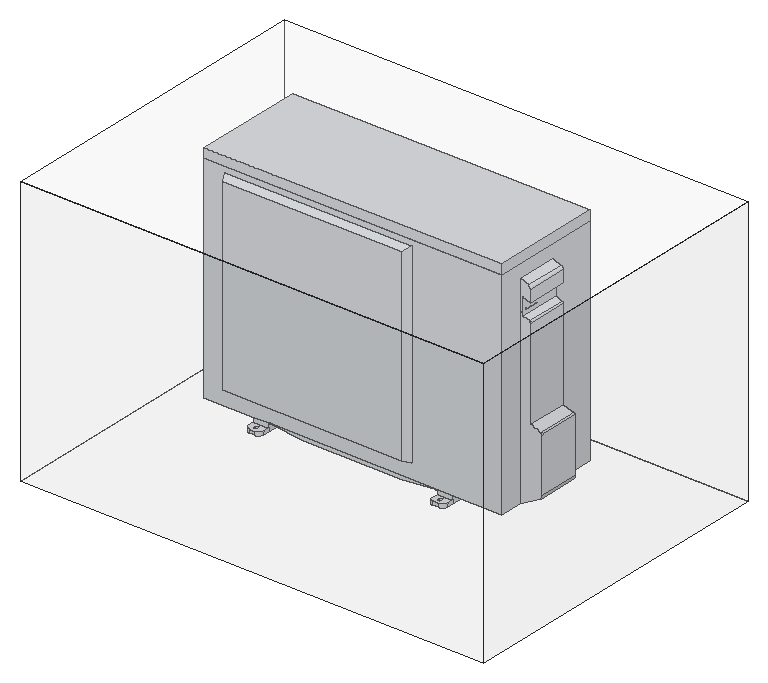
Revit family "puz-zrmp2863ska14_60hz", category 機械設備, Revit 2019
Family settings
  丸型コネクタ寸法 = 直径を使用
  パーツ タイプ = 標準
  OmniClass 番号 = 23.75.10.24.21.27.27
  OmniClass タイトル = Split System Air Conditioning Units
  作業面ベース = いいえ
  常に垂直 = はい
  ロード時にボイドで切り取り = いいえ
  共有 = いいえ
  部屋計算ポイント = いいえ
Parameters (values of type "室外機_PUZ-ZRMP28KA14 (-BS_BSG)")
  音響パワーレベル_冷房 (dB) = 64
  音響パワーレベル_暖房 (dB) = 66
  音響パワーレベル(dB) = [音響パワーレベル_暖房 (dB)]  # 66
  電源種別 = ""
  電源位置Y = 61 mm
  電源位置Z = 497.7 mm
  電源位置X = 400 mm
  電圧 = 200 V
  電動機出力_送風機 = 0.04 kW
  電動機出力_圧縮機 = 0.5 kW
  集中コントローラ [instance] = ""
  運転質量 = 0.00 kg
  運転方法 = "冷暖切替"
  質量 = if(製品質量 > 運転質量, 製品質量, 運転質量) * 1.2  # 43.20 kg
  負荷分類 = 1_熱源類
  説明 = "空冷H/P PAC インバータ室外機"
  設計暖房能力 [instance] = 0 kW
  設計冷房能力_顕熱 [instance] = 0 kW
  設計冷房能力 [instance] = 0 kW
  設置方法 = "床置形"
  記号 [instance] = ""
  製造元 = "三菱電機株式会社"
  製品質量 = 36.00 kg
  製品出荷対象 = "国内"
  製品リリース年月 = ""
  製品グループ = ""
  系統 [instance] = ""
  符号 = "PAC"
  積算_科目 = "1 空気調和設備"
  積算_拾い区分 [instance] = ""
  相 = 3
  盤記号 [instance] = ""
  発停方法 = "付属スイッチ"
  特殊仕様 [instance] = ""
  消費電力_暖房 = 0 kW
  消費電力_冷房 = 0 kW
  消費電力 = if(消費電力_冷房 > 消費電力_暖房, 消費電力_冷房, 消費電力_暖房)  # 0 kW
  法定耐用年数 = "6"
  構成品番 = "PUZ-ZRMP28KA14 (-BS,-BSG)"
  極数 = 3
  材質 [instance] = ""
  本体マテリアル = none
  最小電線太さ_mm2 = 2
  最大電流値 = 0 A
  暖房能力 = 2.8 kW
  推奨ブレーカー容量 = 15 A
  据付ピッチ1 = 0 mm
  形式 = "パッケージ形 室外機"
  形名 = PUZ-ZRMP-1 : PUZ-ZRMP-1
  幹線記号 [instance] = ""
  始動方式 = "インバータ始動方式"
  呼称 = "パッケージ形空気調和機_室外機"
  周波数 = 60 Hz
  価格 = 0
  ドレン　位置Z = 8.5 mm
  ドレン　位置Y = 48.5 mm
  ドレン　位置X = 404.5 mm
  アンカーボルト位置Y = 330 mm
  アンカーボルト位置X = 500 mm
  参照している仕様書等のバージョン = "公共建築物標準仕様書（機械設備工事編）平成31年度版"
  分類コード = "5.0053E+13"
  分類グループ = ""
  冷房能力 = 2.5 kW
  冷媒管（ガス）位置X = 420 mm
  冷媒管（液）位置X = 420 mm
  冷媒管（液）位置Y = 153.75 mm
  冷媒管（ガス）位置Y = 153.75 mm
  冷媒管長 [instance] = 0 mm
  冷媒管径符号 = "Ac"
  冷媒管径 = 60.00 mm
  冷媒管位置Z = 158.95 mm
  冷媒管位置Y = (冷媒管（液）位置Y + 冷媒管（ガス）位置Y) / 2  # 153.75 mm
  冷媒管位置X = (冷媒管（液）位置X + 冷媒管（ガス）位置X) / 2  # 420 mm
  冷媒液管径 = 6.35 mm
  冷媒ガス管径 = 12.70 mm
  企業コード = "108420"
  付属品 [instance] = ""
  仕様書バージョン = "Version1.0"
  ユニット数 = 1
  ユニット3 = yes
  ユニット2 = yes
  Model = ""
  ドレン管径 = 42.00 mm
  サービススペース = yes
  コメント [instance] = ""
  ケーブル種類1 = ""
  【値が 0 の項目は組合せ形名にてご確認ください】 = ""
  Width = 809 mm
  Version = ""
  Uniclass2015Version = "Systems v1.9"
  Uniclass2015Title = "Split coil remote air cooled condensing units"
  Uniclass2015Code = "Pr_70_65_03_84"
  URL = "https://www.mitsubishielectric.co.jp/ldg/wink/ssl/top.do"
  SpecificationReference = ""
  SpecificationDescription = ""
  Revision = ""
  ProductInformation = ""
  OmniClassCode = "23-33 17 13 11"
  IfcTypeProduct = ""
  IfcProduct = ""
  IfcExportType = "AIRCONDITIONINGUNIT"
  IfcExportAs = "IfcUnitaryEquipmentType"
  Height = 630 mm
  Depth = 300 mm
  Clearance Top = 100 mm
  Clearance Right = 350 mm
  Clearance Left = 100 mm
  Clearance Front = 500 mm
  Clearance Bottom = 0 mm
  Clearance Back = 100 mm
  COP = 0
  Author = "三菱電機株式会社"
  APF = 0
Reference planes
  plane 1 "中心(正面/背面)": y = 74
  plane 2: z = 0
  plane 3 "中心(左/右)": x = 830
  plane 4 "右": x = 1234.5
  plane 5 "左": x = 425.5
  plane 6 "背面": y = 224
  plane 7 "正面": y = -76
  plane 8 "上部": z = 630
  plane 9 "Clearanse Top": z = 730
  plane 10 "SS_back": y = 324
  plane 11 "SS_front": y = -576
  plane 12 "SS_left": x = 325.5
  plane 13 "SS_right": x = 1584.5
  plane 14: z = 0
  plane 15: y = -15
  plane 16: x = 1230
  plane 17: z = 497.7
  plane 18: y = -13
  plane 19: y = 70.25
  plane 20: x = 1250
  plane 21: y = 175.5
  plane 22: x = 830
  plane 23: z = 10.5
  plane 24: z = 8.5
  plane 25: x = 580
  plane 26: x = 1080
  plane 27: y = 239
  plane 28: y = -91
Forms (mm)
  Extrusion 1, solid, detail levels fine
    sketch origin (0, -76, 0) x (1, 0, 0) y (0, 0, 1)
      loop
        circle (1230, 497.7) r 13.5
    from -63 to -61
  Extrusion 2, solid, detail levels fine
    sketch origin (-1437.329, -1524, 54) x (-1, 0, 0) y (0, -1, 0)
      loop
        circle (-2267.329, -1699.5) r 21
    from -45.5 to -43.5
  Sweep 3, solid, material <- "本体マテリアル", detail levels fine
    path origin (1250, 1296.25, 1200) x (0, 1, 0) y (0, 0, 1)
      loop
        line (-1226, -1041.05) -> (-1272.623, -1084.565)
    profile origin (1250, 46.939, 137.193) x (0, 0.682318, -0.731055) y (1, 0, 0)
      loop
        circle (0, 0) r 30
Lines and regions (mm)
  model lines, not visible
    curve 1: line (460, 178.667, 1289.179) -> (460, 297.73, 1289.179)
    curve 2: line (460, 178.667, 1056.056) -> (460, 178.667, 1289.179)
    curve 3: line (460, 297.73, 1056.056) -> (460, 178.667, 1056.056)
    curve 4: line (460, 297.73, 1289.179) -> (460, 297.73, 1056.056)
    curve 5: line (460, 47.598, 1289.179) -> (460, 166.661, 1289.179)
    curve 6: line (460, 47.598, 1056.056) -> (460, 47.598, 1289.179)
    curve 7: line (460, 166.661, 1056.056) -> (460, 47.598, 1056.056)
    curve 8: line (460, 166.661, 1289.179) -> (460, 166.661, 1056.056)
    curve 9: line (460, -83.471, 1289.179) -> (460, 35.592, 1289.179)
    curve 10: line (460, -83.471, 1056.056) -> (460, -83.471, 1289.179)
    curve 11: line (460, 35.592, 1056.056) -> (460, -83.471, 1056.056)
    curve 12: line (460, 35.592, 1289.179) -> (460, 35.592, 1056.056)
    curve 13: line (460, -150.779, 1289.179) -> (460, -95.75, 1289.179)
    curve 14: line (460, -150.779, 1056.056) -> (460, -150.779, 1289.179)
    curve 15: line (460, -95.75, 1056.056) -> (460, -150.779, 1056.056)
    curve 16: line (460, -95.75, 1289.179) -> (460, -95.75, 1056.056)
    curve 17: line (460, -150.779, 1283.175) -> (460, -132.596, 1283.175)
    curve 18: line (460, -150.779, 1062.059) -> (460, -150.779, 1283.175)
    curve 19: line (460, -132.596, 1062.059) -> (460, -150.779, 1062.059)
    curve 20: line (460, -132.596, 1283.175) -> (460, -132.596, 1062.059)
    curve 21: line (460, 178.667, 1046.051) -> (460, 297.73, 1046.051)
    curve 22: line (460, 178.667, 812.928) -> (460, 178.667, 1046.051)
    curve 23: line (460, 297.73, 812.928) -> (460, 178.667, 812.928)
    curve 24: line (460, 297.73, 1046.051) -> (460, 297.73, 812.928)
    curve 25: line (460, 47.598, 1046.051) -> (460, 166.661, 1046.051)
    curve 26: line (460, 47.598, 812.928) -> (460, 47.598, 1046.051)
    curve 27: line (460, 166.661, 812.928) -> (460, 47.598, 812.928)
    curve 28: line (460, 166.661, 1046.051) -> (460, 166.661, 812.928)
    curve 29: line (460, -83.471, 1046.051) -> (460, 35.592, 1046.051)
    curve 30: line (460, -83.471, 812.928) -> (460, -83.471, 1046.051)
    curve 31: line (460, 35.592, 812.928) -> (460, -83.471, 812.928)
    curve 32: line (460, 35.592, 1046.051) -> (460, 35.592, 812.928)
    curve 33: line (460, -150.779, 1046.051) -> (460, -95.75, 1046.051)
    curve 34: line (460, -150.779, 812.928) -> (460, -150.779, 1046.051)
    curve 35: line (460, -95.75, 812.928) -> (460, -150.779, 812.928)
    curve 36: line (460, -95.75, 1046.051) -> (460, -95.75, 812.928)
    curve 37: line (460, -150.779, 1040.048) -> (460, -132.596, 1040.048)
    curve 38: line (460, -150.779, 818.931) -> (460, -150.779, 1040.048)
    curve 39: line (460, -132.596, 818.931) -> (460, -150.779, 818.931)
    curve 40: line (460, -132.596, 1040.048) -> (460, -132.596, 818.931)
    curve 41: line (460, 178.667, 802.923) -> (460, 297.73, 802.923)
    curve 42: line (460, 178.667, 569.8) -> (460, 178.667, 802.923)
    curve 43: line (460, 297.73, 569.8) -> (460, 178.667, 569.8)
    curve 44: line (460, 297.73, 802.923) -> (460, 297.73, 569.8)
    curve 45: line (460, 47.598, 802.923) -> (460, 166.661, 802.923)
    curve 46: line (460, 47.598, 569.8) -> (460, 47.598, 802.923)
    curve 47: line (460, 166.661, 569.8) -> (460, 47.598, 569.8)
    curve 48: line (460, 166.661, 802.923) -> (460, 166.661, 569.8)
    curve 49: line (460, -83.471, 802.923) -> (460, 35.592, 802.923)
    curve 50: line (460, -83.471, 569.8) -> (460, -83.471, 802.923)
    curve 51: line (460, 35.592, 569.8) -> (460, -83.471, 569.8)
    curve 52: line (460, 35.592, 802.923) -> (460, 35.592, 569.8)
    curve 53: line (460, -150.779, 802.923) -> (460, -95.75, 802.923)
    curve 54: line (460, -150.779, 569.8) -> (460, -150.779, 802.923)
    curve 55: line (460, -95.75, 569.8) -> (460, -150.779, 569.8)
    curve 56: line (460, -95.75, 802.923) -> (460, -95.75, 569.8)
    curve 57: line (460, -150.779, 796.92) -> (460, -132.596, 796.92)
    curve 58: line (460, -150.779, 575.803) -> (460, -150.779, 796.92)
    curve 59: line (460, -132.596, 575.803) -> (460, -150.779, 575.803)
    curve 60: line (460, -132.596, 796.92) -> (460, -132.596, 575.803)
    curve 61: line (460, 178.667, 559.795) -> (460, 297.73, 559.795)
    curve 62: line (460, 178.667, 326.672) -> (460, 178.667, 559.795)
    curve 63: line (460, 297.73, 326.672) -> (460, 178.667, 326.672)
    curve 64: line (460, 297.73, 559.795) -> (460, 297.73, 326.672)
    curve 65: line (460, 47.598, 559.795) -> (460, 166.661, 559.795)
    curve 66: line (460, 47.598, 326.672) -> (460, 47.598, 559.795)
    curve 67: line (460, 166.661, 326.672) -> (460, 47.598, 326.672)
    curve 68: line (460, 166.661, 559.795) -> (460, 166.661, 326.672)
    curve 69: line (460, -83.471, 559.795) -> (460, 35.592, 559.795)
    curve 70: line (460, -83.471, 326.672) -> (460, -83.471, 559.795)
    curve 71: line (460, 35.592, 326.672) -> (460, -83.471, 326.672)
    curve 72: line (460, 35.592, 559.795) -> (460, 35.592, 326.672)
    curve 73: line (460, -150.779, 559.795) -> (460, -95.75, 559.795)
    curve 74: line (460, -150.779, 326.672) -> (460, -150.779, 559.795)
    curve 75: line (460, -95.75, 326.672) -> (460, -150.779, 326.672)
    curve 76: line (460, -95.75, 559.795) -> (460, -95.75, 326.672)
    curve 77: line (460, -150.779, 553.792) -> (460, -132.596, 553.792)
    curve 78: line (460, -150.779, 332.675) -> (460, -150.779, 553.792)
    curve 79: line (460, -132.596, 332.675) -> (460, -150.779, 332.675)
    curve 80: line (460, -132.596, 553.792) -> (460, -132.596, 332.675)
    curve 81: line (460, 178.667, 316.667) -> (460, 297.73, 316.667)
    curve 82: line (460, 178.667, 83.544) -> (460, 178.667, 316.667)
    curve 83: line (460, 297.73, 83.544) -> (460, 178.667, 83.544)
    curve 84: line (460, 297.73, 316.667) -> (460, 297.73, 83.544)
    curve 85: line (460, 47.598, 316.667) -> (460, 166.661, 316.667)
    curve 86: line (460, 47.598, 83.544) -> (460, 47.598, 316.667)
    curve 87: line (460, 166.661, 83.544) -> (460, 47.598, 83.544)
    curve 88: line (460, 166.661, 316.667) -> (460, 166.661, 83.544)
    curve 89: line (460, -83.471, 316.667) -> (460, 35.592, 316.667)
    curve 90: line (460, -83.471, 83.544) -> (460, -83.471, 316.667)
    curve 91: line (460, 35.592, 83.544) -> (460, -83.471, 83.544)
    curve 92: line (460, 35.592, 316.667) -> (460, 35.592, 83.544)
    curve 93: line (460, -150.779, 316.667) -> (460, -95.75, 316.667)
    curve 94: line (460, -150.779, 83.544) -> (460, -150.779, 316.667)
    curve 95: line (460, -95.75, 83.544) -> (460, -150.779, 83.544)
    curve 96: line (460, -95.75, 316.667) -> (460, -95.75, 83.544)
    curve 97: line (460, -150.779, 310.664) -> (460, -132.596, 310.664)
    curve 98: line (460, -150.779, 89.547) -> (460, -150.779, 310.664)
    curve 99: line (460, -132.596, 89.547) -> (460, -150.779, 89.547)
    curve 100: line (460, -132.596, 310.664) -> (460, -132.596, 89.547)
Dimensions and locks
  equal spacing: plane 7 "正面", plane 1 "中心(正面/背面)", plane 6 "背面"
  "Depth": plane 7 "正面" to plane 6 "背面"
  "Width": plane 5 "左" to plane 4 "右"
  equal spacing: plane 5 "左", plane 3 "中心(左/右)", plane 4 "右"
  "Clearance Left": plane 12 "SS_left" to plane 5 "左"
  "Clearance Right": plane 4 "右" to plane 13 "SS_right"
  "Clearance Back": plane 6 "背面" to plane 10 "SS_back"
  "Clearance Front": plane 11 "SS_front" to plane 7 "正面"
  "Height": plane 8 "上部" to level
  "Clearance Top": plane 9 "Clearanse Top" to plane 8 "上部"
  "Clearance Bottom": level to plane 14
  "電源位置X": plane 3 "中心(左/右)" to plane 16
  "電源位置Y": plane 7 "正面" to plane 15
  "電源位置Z": plane 17 to level
  locked: plane 15 to plane 18 at 2
  "冷媒管位置X": plane 3 "中心(左/右)" to plane 20
  "冷媒管位置Y": plane 19 to plane 6 "背面"
  "ドレン　位置X": plane 5 "左" to plane 22
  "ドレン　位置Y": plane 21 to plane 6 "背面"
  locked: plane 23 to plane 24 at 2
  "ドレン　位置Z": plane 24 to level
  equal spacing: plane 28, plane 1 "中心(正面/背面)", plane 27
  "アンカーボルト位置Y": plane 28 to plane 27
  equal spacing: plane 25, plane 3 "中心(左/右)", plane 26
  "アンカーボルト位置X": plane 25 to plane 26
  radius of Extrusion 1 sketch curve = 13.5 mm
  "ドレン管径": diameter of Extrusion 2 sketch curve
  "冷媒管径": diameter of Sweep 3 sketch curve
  aligned and locked: level to plane 2
  aligned and locked: plane 10 "SS_back" to nested 1  (x2)
  aligned and locked: plane 13 "SS_right" to nested 1
  aligned and locked: plane 12 "SS_left" to nested 1  (x2)
  aligned and locked: nested 1 to plane 13 "SS_right"
  aligned and locked: plane 11 "SS_front" to nested 1
  aligned and locked: plane 9 "Clearanse Top" to nested 1
  aligned and locked: plane 1 "中心(正面/背面)" to nested 2
  aligned and locked: plane 3 "中心(左/右)" to nested 2
  aligned and locked: plane 14 to nested 1
  aligned and locked: plane 17 to Extrusion 1 sketch curve
  aligned and locked: plane 16 to Extrusion 1 sketch curve
  aligned and locked: Extrusion 1 to plane 18
  aligned and locked: plane 15 to Extrusion 1
  aligned and locked: plane 22 to Extrusion 2 sketch curve
  aligned and locked: plane 21 to Extrusion 2 sketch curve
  aligned and locked: plane 23 to Extrusion 2
  aligned and locked: Extrusion 2 to plane 24
  aligned and locked: plane 25 to nested 3
  aligned and locked: plane 27 to nested 3
Automatic sketch dimensions
  Sweep 3 sketch curve to plane 18 = 36.627 mm
  plane 1 "中心(正面/背面)" to Sweep 3 sketch curve = 3.75 mm
  plane 23 to Sweep 3 sketch curve = 104.935 mm
  Sweep 3 sketch curve to Sweep 3 sketch curve = 43.515 mm
  Sweep 3 sketch curve to plane 20 = 0 mm
  Sweep 3 sketch curve to profile plane = 0 mm
Nested families
  nested 1: "サービススペース" at (955, -126, 365), visible <- "サービススペース", type "サービススペース"
    with Width 1259 mm, Height 730 mm, Depth 900 mm
  nested 2: "PUZ-ZRMP-1" at (830, 74, 0), type <- "形名", type "PUZ-ZRMP-1"
  nested 3: "固定点" at (580, -91, 0), type "固定点"
    with 中心円 10 mm, W 500 mm, D 330 mm
Connectors
  electrical at (1230, -15, 497.7), driven by "極数", driven by "負荷分類", driven by "電圧", driven by "消費電力"
    settings: on Extrusion 1, index 2, voltage 200 V, apparent load 0 VA, apparent load phase1 0 VA, apparent load phase2 0 VA, apparent load phase3 0 VA, power factor 1, load classification "1_熱源類", number of poles 3, system type 30, power factor state 1, is connector primary yes, connector utility no, sub classification motor no, connector description ""
  piping at (1250, 70.25, 158.95), diameter 60, driven by "冷媒管径", driven by "冷媒管径符号"
    settings: on Sweep 3, index 3, connector inside diameter 609.60 mm, connector length 0 mm, flow factor 0, pipe flow 0.0 L/s, pressure drop 0.0 Pa, fitting loss kfactor 0, connector angle 0.00°, fixture units 0, engagement length 0 mm, angle of deflection 0.00°, flow configuration 1, flow direction 2, fitting loss method 4, system type 7, joint type 0, gender type 0, connector reference index -1, connector utility 0, adjustable connector no, is connector primary yes, connector description "Ac"
Definition of nested family "サービススペース"
  Parameters (values of type "サービススペース")
    Width [instance] = 500 mm
    Height [instance] = 500 mm
    Depth [instance] = 500 mm
  Reference planes
    plane 1 "中心(正面/背面)": y = 0
    plane 2: z = 0
    plane 3 "中心(左/右)": x = 0
    plane 4: y = -250
    plane 5: x = 250
    plane 6: y = 250
    plane 7: x = -250
    plane 8: z = 250
    plane 9: z = -250
  Forms (mm)
    Extrusion 1, solid
      sketch origin (-638.939, 0, 72.39) x (1, 0, 0) y (0, 1, 0)
        loop
          line (388.939, 250) -> (388.939, -250) -> (888.939, -250) -> (888.939, 250) -> (388.939, 250)
      from -322.39 to 177.61
  Lines and regions (mm)
    symbolic lines
      curve 1: line (-250, 0, 250) -> (250, 0, 250)
      curve 2: line (-250, 0, -250) -> (-250, 0, 250)
      curve 3: line (250, 0, -250) -> (-250, 0, -250)
      curve 4: line (250, 0, 250) -> (250, 0, -250)
      curve 5: line (0, -250, 250) -> (0, 250, 250)
      curve 6: line (0, -250, -250) -> (0, -250, 250)
      curve 7: line (0, 250, -250) -> (0, -250, -250)
      curve 8: line (0, 250, 250) -> (0, 250, -250)
      curve 9: line (-250, 250, 0) -> (250, 250, 0)
      curve 10: line (-250, -250, 0) -> (-250, 250, 0)
      curve 11: line (250, -250, 0) -> (-250, -250, 0)
      curve 12: line (250, 250, 0) -> (250, -250, 0)
  Dimensions and locks
    equal spacing: plane 7, plane 3 "中心(左/右)", plane 5
    equal spacing: plane 4, plane 1 "中心(正面/背面)", plane 6
    "Depth": plane 4 to plane 6
    "Width": plane 7 to plane 5
    equal spacing: plane 8, plane 2, plane 9
    "Height": plane 8 to plane 9
    aligned and locked: plane 9 to curve 3
    aligned and locked: plane 7 to curve 2
    aligned and locked: curve 4 to plane 5
    aligned and locked: plane 5 to Extrusion 1
    aligned and locked: Extrusion 1 to plane 7
    aligned and locked: Extrusion 1 to plane 9
    aligned and locked: plane 8 to Extrusion 1
    aligned and locked: plane 9 to curve 7
  Automatic sketch dimensions
    plane 4 to Extrusion 1 sketch curve = 0 mm
    Extrusion 1 sketch curve to plane 7 = 0 mm
    Extrusion 1 sketch curve to plane 5 = 0 mm
    plane 6 to Extrusion 1 sketch curve = 0 mm
    curve 2 to plane 8 = 0 mm
    plane 4 to curve 11 = 0 mm
    curve 11 to plane 7 = 0 mm
    curve 11 to plane 5 = 0 mm
    plane 6 to curve 10 = 0 mm
    curve 7 to plane 4 = 0 mm
    curve 7 to plane 6 = 0 mm
    curve 6 to plane 8 = 0 mm
Definition of nested family "PUZ-ZRMP-1"
  Parameters (values of type "PUZ-ZRMP-1")
    配線取出口サイズ = 27 mm
    配線取出口-Z = 497.7 mm
    配線取出口-Y = 239 mm
    配線取出口-X = 400 mm
    液配管サイズ = 50 mm
    高さ = 630 mm
    換気-W = 310 mm
    換気-H2 = 632 mm
    換気-H1 = 325 mm
    換気-D = 20 mm
    奥行き = 300 mm
    吊りボルト_H = 0 mm
    吊りボルト-φ = 10 mm
    冷媒配管サイズ = 6.35 mm
    冷媒液管径-Z = 164.5 mm
    冷媒液管径-Y = 185.5 mm
    冷媒液管径-X = 420 mm
    冷媒ガス管径-Z = 99.5 mm
    冷媒ガス管径-Y = 185.5 mm
    冷媒ガス管径-X = 420 mm
    吊りボルト-W = 500 mm
    マテリアル = none
    ドレン配管サイズ = 42 mm
    ドレン管径-Z = 0 mm
    ドレン管径-Y = 251.5 mm
    ドレン管径-X = 404.5 mm
    タイプ3 = no
    タイプ2 = no
    タイプ1 = yes
    ガス配管サイズ = 12.7 mm
    吊りボルト-D = 330 mm
    幅さ = 809 mm
    a = 600 mm
  Reference planes
    plane 1 "中心(正面/背面)": y = 0
    plane 2: z = 0
    plane 3 "中心(左/右)": x = 0
    plane 4: z = 630
    plane 5: x = -404.5
    plane 6: x = 404.5
    plane 7: y = 150
    plane 8: y = -150
    plane 9: x = 466.5
    plane 10: y = -90
    plane 11: y = 20
    plane 12: z = 605
    plane 13: x = -424.5
    plane 14: x = -250
    plane 15: x = 250
    plane 16: y = 165
    plane 17: y = -165
    plane 18: x = 270
    plane 19: x = 230
    plane 20: x = -230
    plane 21: x = -270
    plane 22: y = 180
    plane 23: y = -180
    plane 24: z = 8.5
    plane 25: z = 20
    plane 26: z = 11.5
    plane 27: x = -135
    plane 28: x = 135
    plane 29: z = 625
    plane 30: y = -40
    plane 31: y = 40
    plane 32: y = -30
    plane 33: y = 30
    plane 34: z = 610
    plane 35: z = 55
    plane 36: z = 225
    plane 37: z = 570
    plane 38: x = 414.5
    plane 39: x = 435.5
    plane 40: y = -170
    plane 41: x = -94.5
    plane 42: z = 325
    plane 43: x = 159.5
    plane 44: x = -348.5
    plane 45: z = 589
    plane 46: z = 61
    plane 47: x = -338.5
    plane 48: x = 149.5
    plane 49: z = 579
    plane 50: z = 71
    plane 51: y = 100
    plane 52: y = -100
    plane 53: x = 0
    plane 54: y = 101.5
    plane 55: x = 420
    plane 56: x = 400
    plane 57: y = -89
    plane 58: y = -35.5
    plane 59: y = -35.5
    plane 60: x = 420
    plane 61: z = 99.5
    plane 62: z = 164.5
    plane 63: z = 497.7
    plane 64: y = -39
    plane 65: z = 137.3
    plane 66: z = 180.6
    plane 67: x = 420
    plane 68: y = -35.5
    plane 69 "グループ": x = -600
    plane 70: z = 1338
    plane 71: z = 943
    plane 72: z = 957
    plane 73: z = 1221
    plane 74: z = 693
    plane 75: z = 1211
    plane 76: z = 703
    plane 77: y = -12.5
    plane 78: y = 5
    plane 79: y = -3.75
  Forms (mm)
    Extrusion 1, solid, visible <- "タイプ1", detail levels fine
      sketch origin (-1437.329, -1524, 630) x (-1, 0, 0) y (0, -1, 0)
        loop
          line (-1167.329, -1674) -> (-1167.329, -1374) -> (-1207.329, -1374) -> (-1207.329, -1674) -> (-1167.329, -1674)
        loop
          line (-1667.329, -1674) -> (-1667.329, -1374) -> (-1707.329, -1374) -> (-1707.329, -1674) -> (-1667.329, -1674)
      from -630 to -610
    Extrusion 2, solid, material <- "マテリアル", visible <- "タイプ1", detail levels fine
      sketch origin (0, 0, 0) x (1, 0, 0) y (0, 0, 1)
        loop
          line (-230, 20) -> (-135, 11.5) -> (135, 11.5) -> (230, 20) -> (-230, 20)
      from -150 to 150
    Extrusion 3, solid, material <- "マテリアル", visible <- "タイプ1", detail levels fine
      sketch origin (-1437.329, -1524, 630) x (-1, 0, 0) y (0, -1, 0)
        loop
          circle (-1437.329, -1625.5) r 21
      from -621.5 to -618.5
    Extrusion 4, solid, material <- "マテリアル", visible <- "タイプ1", detail levels fine
      sketch origin (-1437.329, -1524, 630) x (-1, 0, 0) y (0, -1, 0)
        loop
          line (-1841.829, -1674) -> (-1032.829, -1674) -> (-1032.829, -1374) -> (-1841.829, -1374) -> (-1841.829, -1674)
      from -610 to -25
    Extrusion 5, solid, material <- "マテリアル", visible <- "タイプ1", detail levels fine
      sketch origin (-1437.329, -1524, 630) x (-1, 0, 0) y (0, -1, 0)
        loop
          line (-1032.829, -1674) -> (-1032.829, -1374) -> (-1841.829, -1374) -> (-1841.829, -1674) -> (-1032.829, -1674)
      from -25 to 0
    Blend 6, solid, material <- "マテリアル", visible <- "タイプ1", detail levels fine
      base sketch origin (0, 0, 0) x (0, 1, 0) y (0, 0, 1)
        loop
          line (40, 625) -> (-40, 625) -> (-40, 605) -> (40, 605) -> (40, 625)
      top sketch origin (0, 0, 0) x (0, 1, 0) y (0, 0, 1)
        loop
          line (30, 610) -> (-30, 610) -> (-30, 605) -> (30, 605) -> (30, 610)
      from -404.5 to -424.5
    Extrusion 7, solid, material <- "マテリアル", visible <- "タイプ1", detail levels fine
      sketch origin (0, 0, 0) x (1, 0, 0) y (0, 0, 1)
        loop
          line (404.5, 570) -> (404.5, 20) -> (461.416, 52.13)
          arc (461.416, 52.13) -> (465.136, 55.796) -> (466.5, 60.838) r 10
          line (466.5, 60.838) -> (466.5, 210.216)
          arc (466.5, 210.216) -> (465.596, 213.084) -> (463.21, 214.914) r 5
          line (463.21, 214.914) -> (435.5, 225) -> (435.5, 470.082)
          arc (435.5, 470.082) -> (434.596, 472.95) -> (432.21, 474.78) r 5
          line (432.21, 474.78) -> (414.5, 481.226) -> (414.5, 529.114) -> (435.5, 521.471) -> (435.5, 551.715)
          arc (435.5, 551.715) -> (433.692, 557.451) -> (428.92, 561.112) r 10
          line (428.92, 561.112) -> (404.5, 570)
      from -20 to 90
    Blend 8, solid, material <- "マテリアル", visible <- "タイプ1", detail levels fine
      base sketch origin (0, 0, 0) x (1, 0, 0) y (0, 0, 1)
        loop
          line (-348.5, 589) -> (-348.5, 61) -> (159.5, 61) -> (159.5, 589) -> (-348.5, 589)
      top sketch origin (0, 0, 0) x (1, 0, 0) y (0, 0, 1)
        loop
          line (-338.5, 579) -> (-338.5, 71) -> (149.5, 71) -> (149.5, 579) -> (-338.5, 579)
      from 150 to 170
    Extrusion 9, solid, material <- "マテリアル", visible <- "タイプ1", detail levels fine
      sketch origin (1480.036, -170, 1200) x (1, 0, 0) y (0, 0, 1)
        loop
          circle (-1080.036, -702.3) r 13.5
      from -131 to -81
    Extrusion 10, solid, visible <- "タイプ1", detail levels fine
      sketch origin (-1437.329, -1524, 630) x (-1, 0, 0) y (0, -1, 0)
        loop
          line (-1167.329, -1704) -> (-1167.329, -1674) -> (-1207.329, -1674) -> (-1207.329, -1704) -> (-1192.329, -1704) -> (-1192.329, -1689)
          arc (-1192.329, -1689) -> (-1187.329, -1684) -> (-1182.329, -1689) r 5
          line (-1182.329, -1689) -> (-1182.329, -1704) -> (-1167.329, -1704)
        loop
          line (-1667.329, -1704) -> (-1667.329, -1674) -> (-1707.329, -1674) -> (-1707.329, -1704) -> (-1692.329, -1704) -> (-1692.329, -1689)
          arc (-1692.329, -1689) -> (-1687.329, -1684) -> (-1682.329, -1689) r 5
          line (-1682.329, -1689) -> (-1682.329, -1704) -> (-1667.329, -1704)
        loop
          line (-1667.329, -1374) -> (-1667.329, -1354)
          arc (-1667.329, -1354) -> (-1670.258, -1346.929) -> (-1677.329, -1344) r 10
          line (-1677.329, -1344) -> (-1694.129, -1344)
          arc (-1694.129, -1344) -> (-1703.463, -1347.866) -> (-1707.329, -1357.2) r 13.2
          line (-1707.329, -1357.2) -> (-1707.329, -1374) -> (-1667.329, -1374)
        loop
          line (-1167.329, -1374) -> (-1167.329, -1357.2)
          arc (-1167.329, -1357.2) -> (-1171.196, -1347.866) -> (-1180.529, -1344) r 13.2
          line (-1180.529, -1344) -> (-1194.129, -1344)
          arc (-1194.129, -1344) -> (-1203.463, -1347.866) -> (-1207.329, -1357.2) r 13.2
          line (-1207.329, -1357.2) -> (-1207.329, -1374) -> (-1167.329, -1374)
        loop
          arc (-1192.329, -1359) -> (-1187.329, -1364) -> (-1182.329, -1359) r 5
          line (-1182.329, -1359) -> (-1182.329, -1357.2)
          arc (-1182.329, -1357.2) -> (-1187.329, -1352.2) -> (-1192.329, -1357.2) r 5
          line (-1192.329, -1357.2) -> (-1192.329, -1359)
        loop
          arc (-1692.329, -1359) -> (-1687.329, -1364) -> (-1682.329, -1359) r 5
          line (-1682.329, -1359) -> (-1682.329, -1357.2)
          arc (-1682.329, -1357.2) -> (-1687.329, -1352.2) -> (-1692.329, -1357.2) r 5
          line (-1692.329, -1357.2) -> (-1692.329, -1359)
      from -621.5 to -630
    Sweep 11, solid, material <- "マテリアル", visible <- "タイプ1", detail levels fine
      path origin (420, 1296.25, 1200) x (0, 1, 0) y (0, 0, 1)
        loop
          line (-1331.75, -1035.5) -> (-1308.75, -1019.4)
      profile origin (420, -24, 172.55) x (0, -0.573462, 0.819232) y (1, 0, 0)
        loop
          circle (0, 0) r 3.175
    Sweep 12, solid, material <- "マテリアル", visible <- "タイプ1", detail levels fine
      path origin (420, 1296.25, 1200) x (0, 1, 0) y (0, 0, 1)
        loop
          line (-1331.75, -1100.5) -> (-1291.25, -1062.7)
      profile origin (420, -15.25, 118.4) x (0, -0.682318, 0.731055) y (1, 0, 0)
        loop
          circle (0, 0) r 6.35
  Lines and regions (mm)
    Masking region 1, visible <- "タイプ1", detail levels coarse+medium
      outline origin (-1437.329, -1524, 630) x (-1, 0, 0) y (0, -1, 0)
        loop
          line (-1841.829, -1674) -> (-1707.329, -1674) -> (-1707.329, -1704) -> (-1667.329, -1704) -> (-1667.329, -1674) -> (-1207.329, -1674) -> (-1207.329, -1704) -> (-1167.329, -1704) -> (-1167.329, -1674) -> (-1032.829, -1674) -> (-1032.829, -1564) -> (-1012.829, -1554) -> (-1012.829, -1494) -> (-1032.829, -1484) -> (-1032.829, -1374) -> (-1088.829, -1374) -> (-1098.829, -1354) -> (-1164.523, -1354)
          arc (-1164.523, -1354) -> (-1169.205, -1346.796) -> (-1177.329, -1344) r 13.2
          line (-1177.329, -1344) -> (-1193.997, -1344)
          arc (-1193.997, -1344) -> (-1202.121, -1346.796) -> (-1206.804, -1354) r 13.2
          line (-1206.804, -1354) -> (-1586.829, -1354) -> (-1596.829, -1374) -> (-1667.329, -1374) -> (-1667.329, -1354)
          arc (-1667.329, -1354) -> (-1670.258, -1346.929) -> (-1677.329, -1344) r 10
          line (-1677.329, -1344) -> (-1694.129, -1344)
          arc (-1694.129, -1344) -> (-1703.463, -1347.866) -> (-1707.329, -1357.2) r 13.2
          line (-1707.329, -1357.2) -> (-1707.329, -1374) -> (-1841.829, -1374) -> (-1841.829, -1434) -> (-1903.829, -1434) -> (-1903.829, -1544) -> (-1841.829, -1544) -> (-1841.829, -1674)
    model lines, visible <- "タイプ1", detail levels fine
      curve 1: line (324.5, 100, 630) -> (-324.5, 100, 630)
      curve 2: line (-324.5, -100, 630) -> (324.5, -100, 630)
      curve 3: line (-324.5, -40, 630) -> (324.5, -40, 630)
      curve 4: line (324.5, 40, 630) -> (-324.5, 40, 630)
      curve 5: line (-324.5, -30, 630) -> (324.5, -30, 630)
      curve 6: line (324.5, 30, 630) -> (-324.5, 30, 630)
      curve 7: line (-324.5, 100, 630) -> (-324.5, 40, 630)
      curve 8: line (324.5, -100, 630) -> (324.5, -40, 630)
      curve 9: line (-324.5, 30, 630) -> (-324.5, -30, 630)
      curve 10: line (-324.5, -40, 630) -> (-324.5, -100, 630)
      curve 11: line (324.5, -30, 630) -> (324.5, 30, 630)
      curve 12: line (324.5, 40, 630) -> (324.5, 100, 630)
      curve 13: line (354.5, -100, 630) -> (354.5, 100, 630)
      curve 14: line (339.5, -100, 630) -> (339.5, 100, 630)
      curve 15: line (-354.5, 100, 630) -> (-354.5, -100, 630)
      curve 16: line (-339.5, 100, 630) -> (-339.5, -100, 630)
      curve 17: line (-339.5, 100, 630) -> (-354.5, 100, 630)
      curve 18: line (-339.5, -100, 630) -> (-354.5, -100, 630)
      curve 19: line (339.5, 100, 630) -> (354.5, 100, 630)
      curve 20: line (339.5, -100, 630) -> (354.5, -100, 630)
      curve 21: line (-338.5, -170, 372.5) -> (149.5, -170, 372.5)
      curve 22: line (149.5, -170, 277.5) -> (-338.5, -170, 277.5)
      curve 23: line (-338.5, -170, 467.5) -> (149.5, -170, 467.5)
      curve 24: line (-338.5, -170, 562.5) -> (149.5, -170, 562.5)
      curve 25: line (149.5, -170, 182.5) -> (-338.5, -170, 182.5)
      curve 26: line (149.5, -170, 87.5) -> (-338.5, -170, 87.5)
      curve 27: line (-321.071, -170, 579) -> (-321.071, -170, 71)
      curve 28: line (132.071, -170, 71) -> (132.071, -170, 579)
      curve 29: line (-303.643, -170, 579) -> (-303.643, -170, 71)
      curve 30: line (-286.214, -170, 579) -> (-286.214, -170, 71)
      curve 31: line (-268.786, -170, 579) -> (-268.786, -170, 71)
      curve 32: line (-251.357, -170, 579) -> (-251.357, -170, 71)
      curve 33: line (-233.929, -170, 579) -> (-233.929, -170, 71)
      curve 34: line (-216.5, -170, 579) -> (-216.5, -170, 71)
      curve 35: line (-199.071, -170, 579) -> (-199.071, -170, 71)
      curve 36: line (-181.643, -170, 579) -> (-181.643, -170, 71)
      curve 37: line (-164.214, -170, 579) -> (-164.214, -170, 71)
      curve 38: line (-146.786, -170, 579) -> (-146.786, -170, 71)
      curve 39: line (-129.357, -170, 579) -> (-129.357, -170, 71)
      curve 40: line (-111.929, -170, 579) -> (-111.929, -170, 71)
      curve 41: line (-94.5, -170, 579) -> (-94.5, -170, 71)
      curve 42: line (-77.071, -170, 579) -> (-77.071, -170, 71)
      curve 43: line (-59.643, -170, 579) -> (-59.643, -170, 71)
      curve 44: line (-42.214, -170, 579) -> (-42.214, -170, 71)
      curve 45: line (-24.786, -170, 579) -> (-24.786, -170, 71)
      curve 46: line (-7.357, -170, 579) -> (-7.357, -170, 71)
      curve 47: line (10.071, -170, 579) -> (10.071, -170, 71)
      curve 48: line (27.5, -170, 579) -> (27.5, -170, 71)
      curve 49: line (44.929, -170, 579) -> (44.929, -170, 71)
      curve 50: line (62.357, -170, 579) -> (62.357, -170, 71)
      curve 51: line (79.786, -170, 579) -> (79.786, -170, 71)
      curve 52: line (97.214, -170, 579) -> (97.214, -170, 71)
      curve 53: line (114.643, -170, 579) -> (114.643, -170, 71)
      curve 54: line (-404.5, -10, 574) -> (-404.5, -10, 584)
      curve 55: line (-404.5, -100, 584) -> (-404.5, -100, 574)
      curve 56: line (-404.5, 100, 584) -> (-404.5, 100, 574)
      curve 57: line (-404.5, 10, 584) -> (-404.5, 10, 574)
      curve 58: line (-404.5, 95, 589) -> (-404.5, 15, 589)
      curve 59: line (-404.5, -15, 589) -> (-404.5, -95, 589)
      curve 60: line (-404.5, -15, 569) -> (-404.5, -95, 569)
      curve 61: line (-404.5, 95, 569) -> (-404.5, 15, 569)
      curve 62: arc (-404.5, 100, 584) -> (-404.5, 98.536, 587.536) -> (-404.5, 95, 589) r 5
      curve 63: arc (-404.5, 95, 569) -> (-404.5, 98.536, 570.464) -> (-404.5, 100, 574) r 5
      curve 64: arc (-404.5, 10, 584) -> (-404.5, 11.464, 587.536) -> (-404.5, 15, 589) r 5
      curve 65: arc (-404.5, 10, 574) -> (-404.5, 11.464, 570.464) -> (-404.5, 15, 569) r 5
      curve 66: arc (-404.5, -10, 584) -> (-404.5, -11.464, 587.536) -> (-404.5, -15, 589) r 5
      curve 67: arc (-404.5, -15, 569) -> (-404.5, -11.464, 570.464) -> (-404.5, -10, 574) r 5
      curve 68: arc (-404.5, -95, 589) -> (-404.5, -98.536, 587.536) -> (-404.5, -100, 584) r 5
      curve 69: arc (-404.5, -100, 574) -> (-404.5, -98.536, 570.464) -> (-404.5, -95, 569) r 5
      curve 70: line (-404.5, -10, 544) -> (-404.5, -10, 554)
      curve 71: line (-404.5, -100, 554) -> (-404.5, -100, 544)
      curve 72: line (-404.5, 100, 554) -> (-404.5, 100, 544)
      curve 73: line (-404.5, 10, 554) -> (-404.5, 10, 544)
      curve 74: line (-404.5, 95, 559) -> (-404.5, 15, 559)
      curve 75: line (-404.5, -15, 559) -> (-404.5, -95, 559)
      curve 76: line (-404.5, -15, 539) -> (-404.5, -95, 539)
      curve 77: line (-404.5, 95, 539) -> (-404.5, 15, 539)
      curve 78: arc (-404.5, 100, 554) -> (-404.5, 98.536, 557.536) -> (-404.5, 95, 559) r 5
      curve 79: arc (-404.5, 95, 539) -> (-404.5, 98.536, 540.464) -> (-404.5, 100, 544) r 5
      curve 80: arc (-404.5, 10, 554) -> (-404.5, 11.464, 557.536) -> (-404.5, 15, 559) r 5
      curve 81: arc (-404.5, 10, 544) -> (-404.5, 11.464, 540.464) -> (-404.5, 15, 539) r 5
      curve 82: arc (-404.5, -10, 554) -> (-404.5, -11.464, 557.536) -> (-404.5, -15, 559) r 5
      curve 83: arc (-404.5, -15, 539) -> (-404.5, -11.464, 540.464) -> (-404.5, -10, 544) r 5
      curve 84: arc (-404.5, -95, 559) -> (-404.5, -98.536, 557.536) -> (-404.5, -100, 554) r 5
      curve 85: arc (-404.5, -100, 544) -> (-404.5, -98.536, 540.464) -> (-404.5, -95, 539) r 5
      curve 86: line (-404.5, -10, 514) -> (-404.5, -10, 524)
      curve 87: line (-404.5, -100, 524) -> (-404.5, -100, 514)
      curve 88: line (-404.5, 100, 524) -> (-404.5, 100, 514)
      curve 89: line (-404.5, 10, 524) -> (-404.5, 10, 514)
      curve 90: line (-404.5, 95, 529) -> (-404.5, 15, 529)
      curve 91: line (-404.5, -15, 529) -> (-404.5, -95, 529)
      curve 92: line (-404.5, -15, 509) -> (-404.5, -95, 509)
      curve 93: line (-404.5, 95, 509) -> (-404.5, 15, 509)
      curve 94: arc (-404.5, 100, 524) -> (-404.5, 98.536, 527.536) -> (-404.5, 95, 529) r 5
      curve 95: arc (-404.5, 95, 509) -> (-404.5, 98.536, 510.464) -> (-404.5, 100, 514) r 5
      curve 96: arc (-404.5, 10, 524) -> (-404.5, 11.464, 527.536) -> (-404.5, 15, 529) r 5
      curve 97: arc (-404.5, 10, 514) -> (-404.5, 11.464, 510.464) -> (-404.5, 15, 509) r 5
      curve 98: arc (-404.5, -10, 524) -> (-404.5, -11.464, 527.536) -> (-404.5, -15, 529) r 5
      curve 99: arc (-404.5, -15, 509) -> (-404.5, -11.464, 510.464) -> (-404.5, -10, 514) r 5
      curve 100: arc (-404.5, -95, 529) -> (-404.5, -98.536, 527.536) -> (-404.5, -100, 524) r 5
      curve 101: arc (-404.5, -100, 514) -> (-404.5, -98.536, 510.464) -> (-404.5, -95, 509) r 5
      curve 102: line (-404.5, -10, 484) -> (-404.5, -10, 494)
      curve 103: line (-404.5, -100, 494) -> (-404.5, -100, 484)
      curve 104: line (-404.5, 100, 494) -> (-404.5, 100, 484)
      curve 105: line (-404.5, 10, 494) -> (-404.5, 10, 484)
      curve 106: line (-404.5, 95, 499) -> (-404.5, 15, 499)
      curve 107: line (-404.5, -15, 499) -> (-404.5, -95, 499)
      curve 108: line (-404.5, -15, 479) -> (-404.5, -95, 479)
      curve 109: line (-404.5, 95, 479) -> (-404.5, 15, 479)
      curve 110: arc (-404.5, 100, 494) -> (-404.5, 98.536, 497.536) -> (-404.5, 95, 499) r 5
      curve 111: arc (-404.5, 95, 479) -> (-404.5, 98.536, 480.464) -> (-404.5, 100, 484) r 5
      curve 112: arc (-404.5, 10, 494) -> (-404.5, 11.464, 497.536) -> (-404.5, 15, 499) r 5
      curve 113: arc (-404.5, 10, 484) -> (-404.5, 11.464, 480.464) -> (-404.5, 15, 479) r 5
      curve 114: arc (-404.5, -10, 494) -> (-404.5, -11.464, 497.536) -> (-404.5, -15, 499) r 5
      curve 115: arc (-404.5, -15, 479) -> (-404.5, -11.464, 480.464) -> (-404.5, -10, 484) r 5
      curve 116: arc (-404.5, -95, 499) -> (-404.5, -98.536, 497.536) -> (-404.5, -100, 494) r 5
      curve 117: arc (-404.5, -100, 484) -> (-404.5, -98.536, 480.464) -> (-404.5, -95, 479) r 5
      curve 118: line (-404.5, -10, 454) -> (-404.5, -10, 464)
      curve 119: line (-404.5, -100, 464) -> (-404.5, -100, 454)
      curve 120: line (-404.5, 100, 464) -> (-404.5, 100, 454)
      curve 121: line (-404.5, 10, 464) -> (-404.5, 10, 454)
      curve 122: line (-404.5, 95, 469) -> (-404.5, 15, 469)
      curve 123: line (-404.5, -15, 469) -> (-404.5, -95, 469)
      curve 124: line (-404.5, -15, 449) -> (-404.5, -95, 449)
      curve 125: line (-404.5, 95, 449) -> (-404.5, 15, 449)
      curve 126: arc (-404.5, 100, 464) -> (-404.5, 98.536, 467.536) -> (-404.5, 95, 469) r 5
      curve 127: arc (-404.5, 95, 449) -> (-404.5, 98.536, 450.464) -> (-404.5, 100, 454) r 5
      curve 128: arc (-404.5, 10, 464) -> (-404.5, 11.464, 467.536) -> (-404.5, 15, 469) r 5
      curve 129: arc (-404.5, 10, 454) -> (-404.5, 11.464, 450.464) -> (-404.5, 15, 449) r 5
      curve 130: arc (-404.5, -10, 464) -> (-404.5, -11.464, 467.536) -> (-404.5, -15, 469) r 5
      curve 131: arc (-404.5, -15, 449) -> (-404.5, -11.464, 450.464) -> (-404.5, -10, 454) r 5
      curve 132: arc (-404.5, -95, 469) -> (-404.5, -98.536, 467.536) -> (-404.5, -100, 464) r 5
      curve 133: arc (-404.5, -100, 454) -> (-404.5, -98.536, 450.464) -> (-404.5, -95, 449) r 5
      curve 134: line (-404.5, -10, 424) -> (-404.5, -10, 434)
      curve 135: line (-404.5, -100, 434) -> (-404.5, -100, 424)
      curve 136: line (-404.5, 100, 434) -> (-404.5, 100, 424)
      curve 137: line (-404.5, 10, 434) -> (-404.5, 10, 424)
      curve 138: line (-404.5, 95, 439) -> (-404.5, 15, 439)
      curve 139: line (-404.5, -15, 439) -> (-404.5, -95, 439)
      curve 140: line (-404.5, -15, 419) -> (-404.5, -95, 419)
      curve 141: line (-404.5, 95, 419) -> (-404.5, 15, 419)
      curve 142: arc (-404.5, 100, 434) -> (-404.5, 98.536, 437.536) -> (-404.5, 95, 439) r 5
      curve 143: arc (-404.5, 95, 419) -> (-404.5, 98.536, 420.464) -> (-404.5, 100, 424) r 5
      curve 144: arc (-404.5, 10, 434) -> (-404.5, 11.464, 437.536) -> (-404.5, 15, 439) r 5
      curve 145: arc (-404.5, 10, 424) -> (-404.5, 11.464, 420.464) -> (-404.5, 15, 419) r 5
      curve 146: arc (-404.5, -10, 434) -> (-404.5, -11.464, 437.536) -> (-404.5, -15, 439) r 5
      curve 147: arc (-404.5, -15, 419) -> (-404.5, -11.464, 420.464) -> (-404.5, -10, 424) r 5
      curve 148: arc (-404.5, -95, 439) -> (-404.5, -98.536, 437.536) -> (-404.5, -100, 434) r 5
      curve 149: arc (-404.5, -100, 424) -> (-404.5, -98.536, 420.464) -> (-404.5, -95, 419) r 5
      curve 150: line (-404.5, -10, 394) -> (-404.5, -10, 404)
      curve 151: line (-404.5, -100, 404) -> (-404.5, -100, 394)
      curve 152: line (-404.5, 100, 404) -> (-404.5, 100, 394)
      curve 153: line (-404.5, 10, 404) -> (-404.5, 10, 394)
      curve 154: line (-404.5, 95, 409) -> (-404.5, 15, 409)
      curve 155: line (-404.5, -15, 409) -> (-404.5, -95, 409)
      curve 156: line (-404.5, -15, 389) -> (-404.5, -95, 389)
      curve 157: line (-404.5, 95, 389) -> (-404.5, 15, 389)
      curve 158: arc (-404.5, 100, 404) -> (-404.5, 98.536, 407.536) -> (-404.5, 95, 409) r 5
      curve 159: arc (-404.5, 95, 389) -> (-404.5, 98.536, 390.464) -> (-404.5, 100, 394) r 5
      curve 160: arc (-404.5, 10, 404) -> (-404.5, 11.464, 407.536) -> (-404.5, 15, 409) r 5
      curve 161: arc (-404.5, 10, 394) -> (-404.5, 11.464, 390.464) -> (-404.5, 15, 389) r 5
      curve 162: arc (-404.5, -10, 404) -> (-404.5, -11.464, 407.536) -> (-404.5, -15, 409) r 5
      curve 163: arc (-404.5, -15, 389) -> (-404.5, -11.464, 390.464) -> (-404.5, -10, 394) r 5
      curve 164: arc (-404.5, -95, 409) -> (-404.5, -98.536, 407.536) -> (-404.5, -100, 404) r 5
      curve 165: arc (-404.5, -100, 394) -> (-404.5, -98.536, 390.464) -> (-404.5, -95, 389) r 5
      curve 166: line (-404.5, -10, 364) -> (-404.5, -10, 374)
      curve 167: line (-404.5, -100, 374) -> (-404.5, -100, 364)
      curve 168: line (-404.5, 100, 374) -> (-404.5, 100, 364)
      curve 169: line (-404.5, 10, 374) -> (-404.5, 10, 364)
      curve 170: line (-404.5, 95, 379) -> (-404.5, 15, 379)
      curve 171: line (-404.5, -15, 379) -> (-404.5, -95, 379)
      curve 172: line (-404.5, -15, 359) -> (-404.5, -95, 359)
      curve 173: line (-404.5, 95, 359) -> (-404.5, 15, 359)
      curve 174: arc (-404.5, 100, 374) -> (-404.5, 98.536, 377.536) -> (-404.5, 95, 379) r 5
      curve 175: arc (-404.5, 95, 359) -> (-404.5, 98.536, 360.464) -> (-404.5, 100, 364) r 5
      curve 176: arc (-404.5, 10, 374) -> (-404.5, 11.464, 377.536) -> (-404.5, 15, 379) r 5
      curve 177: arc (-404.5, 10, 364) -> (-404.5, 11.464, 360.464) -> (-404.5, 15, 359) r 5
      curve 178: arc (-404.5, -10, 374) -> (-404.5, -11.464, 377.536) -> (-404.5, -15, 379) r 5
      curve 179: arc (-404.5, -15, 359) -> (-404.5, -11.464, 360.464) -> (-404.5, -10, 364) r 5
      curve 180: arc (-404.5, -95, 379) -> (-404.5, -98.536, 377.536) -> (-404.5, -100, 374) r 5
      curve 181: arc (-404.5, -100, 364) -> (-404.5, -98.536, 360.464) -> (-404.5, -95, 359) r 5
      curve 182: line (-404.5, -10, 334) -> (-404.5, -10, 344)
      curve 183: line (-404.5, -100, 344) -> (-404.5, -100, 334)
      curve 184: line (-404.5, 100, 344) -> (-404.5, 100, 334)
      curve 185: line (-404.5, 10, 344) -> (-404.5, 10, 334)
      curve 186: line (-404.5, 95, 349) -> (-404.5, 15, 349)
      curve 187: line (-404.5, -15, 349) -> (-404.5, -95, 349)
      curve 188: line (-404.5, -15, 329) -> (-404.5, -95, 329)
      curve 189: line (-404.5, 95, 329) -> (-404.5, 15, 329)
      curve 190: arc (-404.5, 100, 344) -> (-404.5, 98.536, 347.536) -> (-404.5, 95, 349) r 5
      curve 191: arc (-404.5, 95, 329) -> (-404.5, 98.536, 330.464) -> (-404.5, 100, 334) r 5
      curve 192: arc (-404.5, 10, 344) -> (-404.5, 11.464, 347.536) -> (-404.5, 15, 349) r 5
      curve 193: arc (-404.5, 10, 334) -> (-404.5, 11.464, 330.464) -> (-404.5, 15, 329) r 5
      curve 194: arc (-404.5, -10, 344) -> (-404.5, -11.464, 347.536) -> (-404.5, -15, 349) r 5
      curve 195: arc (-404.5, -15, 329) -> (-404.5, -11.464, 330.464) -> (-404.5, -10, 334) r 5
      curve 196: arc (-404.5, -95, 349) -> (-404.5, -98.536, 347.536) -> (-404.5, -100, 344) r 5
      curve 197: arc (-404.5, -100, 334) -> (-404.5, -98.536, 330.464) -> (-404.5, -95, 329) r 5
      curve 198: line (-404.5, -10, 304) -> (-404.5, -10, 314)
      curve 199: line (-404.5, -100, 314) -> (-404.5, -100, 304)
      curve 200: line (-404.5, 100, 314) -> (-404.5, 100, 304)
      curve 201: line (-404.5, 10, 314) -> (-404.5, 10, 304)
      curve 202: line (-404.5, 95, 319) -> (-404.5, 15, 319)
      curve 203: line (-404.5, -15, 319) -> (-404.5, -95, 319)
      curve 204: line (-404.5, -15, 299) -> (-404.5, -95, 299)
      curve 205: line (-404.5, 95, 299) -> (-404.5, 15, 299)
      curve 206: arc (-404.5, 100, 314) -> (-404.5, 98.536, 317.536) -> (-404.5, 95, 319) r 5
      curve 207: arc (-404.5, 95, 299) -> (-404.5, 98.536, 300.464) -> (-404.5, 100, 304) r 5
      curve 208: arc (-404.5, 10, 314) -> (-404.5, 11.464, 317.536) -> (-404.5, 15, 319) r 5
      curve 209: arc (-404.5, 10, 304) -> (-404.5, 11.464, 300.464) -> (-404.5, 15, 299) r 5
      curve 210: arc (-404.5, -10, 314) -> (-404.5, -11.464, 317.536) -> (-404.5, -15, 319) r 5
      curve 211: arc (-404.5, -15, 299) -> (-404.5, -11.464, 300.464) -> (-404.5, -10, 304) r 5
      curve 212: arc (-404.5, -95, 319) -> (-404.5, -98.536, 317.536) -> (-404.5, -100, 314) r 5
      curve 213: arc (-404.5, -100, 304) -> (-404.5, -98.536, 300.464) -> (-404.5, -95, 299) r 5
      curve 214: line (-404.5, -10, 274) -> (-404.5, -10, 284)
      curve 215: line (-404.5, -100, 284) -> (-404.5, -100, 274)
      curve 216: line (-404.5, 100, 284) -> (-404.5, 100, 274)
      curve 217: line (-404.5, 10, 284) -> (-404.5, 10, 274)
      curve 218: line (-404.5, 95, 289) -> (-404.5, 15, 289)
      curve 219: line (-404.5, -15, 289) -> (-404.5, -95, 289)
      curve 220: line (-404.5, -15, 269) -> (-404.5, -95, 269)
      curve 221: line (-404.5, 95, 269) -> (-404.5, 15, 269)
      curve 222: arc (-404.5, 100, 284) -> (-404.5, 98.536, 287.536) -> (-404.5, 95, 289) r 5
      curve 223: arc (-404.5, 95, 269) -> (-404.5, 98.536, 270.464) -> (-404.5, 100, 274) r 5
      curve 224: arc (-404.5, 10, 284) -> (-404.5, 11.464, 287.536) -> (-404.5, 15, 289) r 5
      curve 225: arc (-404.5, 10, 274) -> (-404.5, 11.464, 270.464) -> (-404.5, 15, 269) r 5
      curve 226: arc (-404.5, -10, 284) -> (-404.5, -11.464, 287.536) -> (-404.5, -15, 289) r 5
      curve 227: arc (-404.5, -15, 269) -> (-404.5, -11.464, 270.464) -> (-404.5, -10, 274) r 5
      curve 228: arc (-404.5, -95, 289) -> (-404.5, -98.536, 287.536) -> (-404.5, -100, 284) r 5
      curve 229: arc (-404.5, -100, 274) -> (-404.5, -98.536, 270.464) -> (-404.5, -95, 269) r 5
      curve 230: line (-404.5, -10, 244) -> (-404.5, -10, 254)
      curve 231: line (-404.5, -100, 254) -> (-404.5, -100, 244)
      curve 232: line (-404.5, 100, 254) -> (-404.5, 100, 244)
      curve 233: line (-404.5, 10, 254) -> (-404.5, 10, 244)
      curve 234: line (-404.5, 95, 259) -> (-404.5, 15, 259)
      curve 235: line (-404.5, -15, 259) -> (-404.5, -95, 259)
      curve 236: line (-404.5, -15, 239) -> (-404.5, -95, 239)
      curve 237: line (-404.5, 95, 239) -> (-404.5, 15, 239)
      curve 238: arc (-404.5, 100, 254) -> (-404.5, 98.536, 257.536) -> (-404.5, 95, 259) r 5
      curve 239: arc (-404.5, 95, 239) -> (-404.5, 98.536, 240.464) -> (-404.5, 100, 244) r 5
      curve 240: arc (-404.5, 10, 254) -> (-404.5, 11.464, 257.536) -> (-404.5, 15, 259) r 5
      curve 241: arc (-404.5, 10, 244) -> (-404.5, 11.464, 240.464) -> (-404.5, 15, 239) r 5
      curve 242: arc (-404.5, -10, 254) -> (-404.5, -11.464, 257.536) -> (-404.5, -15, 259) r 5
      curve 243: arc (-404.5, -15, 239) -> (-404.5, -11.464, 240.464) -> (-404.5, -10, 244) r 5
      curve 244: arc (-404.5, -95, 259) -> (-404.5, -98.536, 257.536) -> (-404.5, -100, 254) r 5
      curve 245: arc (-404.5, -100, 244) -> (-404.5, -98.536, 240.464) -> (-404.5, -95, 239) r 5
      curve 246: line (-404.5, -10, 214) -> (-404.5, -10, 224)
      curve 247: line (-404.5, -100, 224) -> (-404.5, -100, 214)
      curve 248: line (-404.5, 100, 224) -> (-404.5, 100, 214)
      curve 249: line (-404.5, 10, 224) -> (-404.5, 10, 214)
      curve 250: line (-404.5, 95, 229) -> (-404.5, 15, 229)
      curve 251: line (-404.5, -15, 229) -> (-404.5, -95, 229)
      curve 252: line (-404.5, -15, 209) -> (-404.5, -95, 209)
      curve 253: line (-404.5, 95, 209) -> (-404.5, 15, 209)
      curve 254: arc (-404.5, 100, 224) -> (-404.5, 98.536, 227.536) -> (-404.5, 95, 229) r 5
      curve 255: arc (-404.5, 95, 209) -> (-404.5, 98.536, 210.464) -> (-404.5, 100, 214) r 5
      curve 256: arc (-404.5, 10, 224) -> (-404.5, 11.464, 227.536) -> (-404.5, 15, 229) r 5
      curve 257: arc (-404.5, 10, 214) -> (-404.5, 11.464, 210.464) -> (-404.5, 15, 209) r 5
      curve 258: arc (-404.5, -10, 224) -> (-404.5, -11.464, 227.536) -> (-404.5, -15, 229) r 5
      curve 259: arc (-404.5, -15, 209) -> (-404.5, -11.464, 210.464) -> (-404.5, -10, 214) r 5
      curve 260: arc (-404.5, -95, 229) -> (-404.5, -98.536, 227.536) -> (-404.5, -100, 224) r 5
      curve 261: arc (-404.5, -100, 214) -> (-404.5, -98.536, 210.464) -> (-404.5, -95, 209) r 5
      curve 262: line (-404.5, -10, 184) -> (-404.5, -10, 194)
      curve 263: line (-404.5, -100, 194) -> (-404.5, -100, 184)
      curve 264: line (-404.5, 100, 194) -> (-404.5, 100, 184)
      curve 265: line (-404.5, 10, 194) -> (-404.5, 10, 184)
      curve 266: line (-404.5, 95, 199) -> (-404.5, 15, 199)
      curve 267: line (-404.5, -15, 199) -> (-404.5, -95, 199)
      curve 268: line (-404.5, -15, 179) -> (-404.5, -95, 179)
      curve 269: line (-404.5, 95, 179) -> (-404.5, 15, 179)
      curve 270: arc (-404.5, 100, 194) -> (-404.5, 98.536, 197.536) -> (-404.5, 95, 199) r 5
      curve 271: arc (-404.5, 95, 179) -> (-404.5, 98.536, 180.464) -> (-404.5, 100, 184) r 5
      curve 272: arc (-404.5, 10, 194) -> (-404.5, 11.464, 197.536) -> (-404.5, 15, 199) r 5
      curve 273: arc (-404.5, 10, 184) -> (-404.5, 11.464, 180.464) -> (-404.5, 15, 179) r 5
      curve 274: arc (-404.5, -10, 194) -> (-404.5, -11.464, 197.536) -> (-404.5, -15, 199) r 5
      curve 275: arc (-404.5, -15, 179) -> (-404.5, -11.464, 180.464) -> (-404.5, -10, 184) r 5
      curve 276: arc (-404.5, -95, 199) -> (-404.5, -98.536, 197.536) -> (-404.5, -100, 194) r 5
      curve 277: arc (-404.5, -100, 184) -> (-404.5, -98.536, 180.464) -> (-404.5, -95, 179) r 5
      curve 278: line (-404.5, -10, 154) -> (-404.5, -10, 164)
      curve 279: line (-404.5, -100, 164) -> (-404.5, -100, 154)
      curve 280: line (-404.5, 100, 164) -> (-404.5, 100, 154)
      curve 281: line (-404.5, 10, 164) -> (-404.5, 10, 154)
      curve 282: line (-404.5, 95, 169) -> (-404.5, 15, 169)
      curve 283: line (-404.5, -15, 169) -> (-404.5, -95, 169)
      curve 284: line (-404.5, -15, 149) -> (-404.5, -95, 149)
      curve 285: line (-404.5, 95, 149) -> (-404.5, 15, 149)
      curve 286: arc (-404.5, 100, 164) -> (-404.5, 98.536, 167.536) -> (-404.5, 95, 169) r 5
      curve 287: arc (-404.5, 95, 149) -> (-404.5, 98.536, 150.464) -> (-404.5, 100, 154) r 5
      curve 288: arc (-404.5, 10, 164) -> (-404.5, 11.464, 167.536) -> (-404.5, 15, 169) r 5
      curve 289: arc (-404.5, 10, 154) -> (-404.5, 11.464, 150.464) -> (-404.5, 15, 149) r 5
      curve 290: arc (-404.5, -10, 164) -> (-404.5, -11.464, 167.536) -> (-404.5, -15, 169) r 5
      curve 291: arc (-404.5, -15, 149) -> (-404.5, -11.464, 150.464) -> (-404.5, -10, 154) r 5
      curve 292: arc (-404.5, -95, 169) -> (-404.5, -98.536, 167.536) -> (-404.5, -100, 164) r 5
      curve 293: arc (-404.5, -100, 154) -> (-404.5, -98.536, 150.464) -> (-404.5, -95, 149) r 5
      curve 294: line (-404.5, -10, 124) -> (-404.5, -10, 134)
      curve 295: line (-404.5, -100, 134) -> (-404.5, -100, 124)
      curve 296: line (-404.5, 100, 134) -> (-404.5, 100, 124)
      curve 297: line (-404.5, 10, 134) -> (-404.5, 10, 124)
      curve 298: line (-404.5, 95, 139) -> (-404.5, 15, 139)
      curve 299: line (-404.5, -15, 139) -> (-404.5, -95, 139)
      curve 300: line (-404.5, -15, 119) -> (-404.5, -95, 119)
      curve 301: line (-404.5, 95, 119) -> (-404.5, 15, 119)
      curve 302: arc (-404.5, 100, 134) -> (-404.5, 98.536, 137.536) -> (-404.5, 95, 139) r 5
      curve 303: arc (-404.5, 95, 119) -> (-404.5, 98.536, 120.464) -> (-404.5, 100, 124) r 5
      curve 304: arc (-404.5, 10, 134) -> (-404.5, 11.464, 137.536) -> (-404.5, 15, 139) r 5
      curve 305: arc (-404.5, 10, 124) -> (-404.5, 11.464, 120.464) -> (-404.5, 15, 119) r 5
      curve 306: arc (-404.5, -10, 134) -> (-404.5, -11.464, 137.536) -> (-404.5, -15, 139) r 5
      curve 307: arc (-404.5, -15, 119) -> (-404.5, -11.464, 120.464) -> (-404.5, -10, 124) r 5
      curve 308: arc (-404.5, -95, 139) -> (-404.5, -98.536, 137.536) -> (-404.5, -100, 134) r 5
      curve 309: arc (-404.5, -100, 124) -> (-404.5, -98.536, 120.464) -> (-404.5, -95, 119) r 5
      curve 310: line (-404.5, -10, 94) -> (-404.5, -10, 104)
      curve 311: line (-404.5, -100, 104) -> (-404.5, -100, 94)
      curve 312: line (-404.5, 100, 104) -> (-404.5, 100, 94)
      curve 313: line (-404.5, 10, 104) -> (-404.5, 10, 94)
      curve 314: line (-404.5, 95, 109) -> (-404.5, 15, 109)
      curve 315: line (-404.5, -15, 109) -> (-404.5, -95, 109)
      curve 316: line (-404.5, -15, 89) -> (-404.5, -95, 89)
      curve 317: line (-404.5, 95, 89) -> (-404.5, 15, 89)
      curve 318: arc (-404.5, 100, 104) -> (-404.5, 98.536, 107.536) -> (-404.5, 95, 109) r 5
      curve 319: arc (-404.5, 95, 89) -> (-404.5, 98.536, 90.464) -> (-404.5, 100, 94) r 5
      curve 320: arc (-404.5, 10, 104) -> (-404.5, 11.464, 107.536) -> (-404.5, 15, 109) r 5
      curve 321: arc (-404.5, 10, 94) -> (-404.5, 11.464, 90.464) -> (-404.5, 15, 89) r 5
      curve 322: arc (-404.5, -10, 104) -> (-404.5, -11.464, 107.536) -> (-404.5, -15, 109) r 5
      curve 323: arc (-404.5, -15, 89) -> (-404.5, -11.464, 90.464) -> (-404.5, -10, 94) r 5
      curve 324: arc (-404.5, -95, 109) -> (-404.5, -98.536, 107.536) -> (-404.5, -100, 104) r 5
      curve 325: arc (-404.5, -100, 94) -> (-404.5, -98.536, 90.464) -> (-404.5, -95, 89) r 5
      curve 326: line (-404.5, -10, 64) -> (-404.5, -10, 74)
      curve 327: line (-404.5, -100, 74) -> (-404.5, -100, 64)
      curve 328: line (-404.5, 100, 74) -> (-404.5, 100, 64)
      curve 329: line (-404.5, 10, 74) -> (-404.5, 10, 64)
      curve 330: line (-404.5, 95, 79) -> (-404.5, 15, 79)
      curve 331: line (-404.5, -15, 79) -> (-404.5, -95, 79)
      curve 332: line (-404.5, -15, 59) -> (-404.5, -95, 59)
      curve 333: line (-404.5, 95, 59) -> (-404.5, 15, 59)
      curve 334: arc (-404.5, 100, 74) -> (-404.5, 98.536, 77.536) -> (-404.5, 95, 79) r 5
      curve 335: arc (-404.5, 95, 59) -> (-404.5, 98.536, 60.464) -> (-404.5, 100, 64) r 5
      curve 336: arc (-404.5, 10, 74) -> (-404.5, 11.464, 77.536) -> (-404.5, 15, 79) r 5
      curve 337: arc (-404.5, 10, 64) -> (-404.5, 11.464, 60.464) -> (-404.5, 15, 59) r 5
      curve 338: arc (-404.5, -10, 74) -> (-404.5, -11.464, 77.536) -> (-404.5, -15, 79) r 5
      curve 339: arc (-404.5, -15, 59) -> (-404.5, -11.464, 60.464) -> (-404.5, -10, 64) r 5
      curve 340: arc (-404.5, -95, 79) -> (-404.5, -98.536, 77.536) -> (-404.5, -100, 74) r 5
